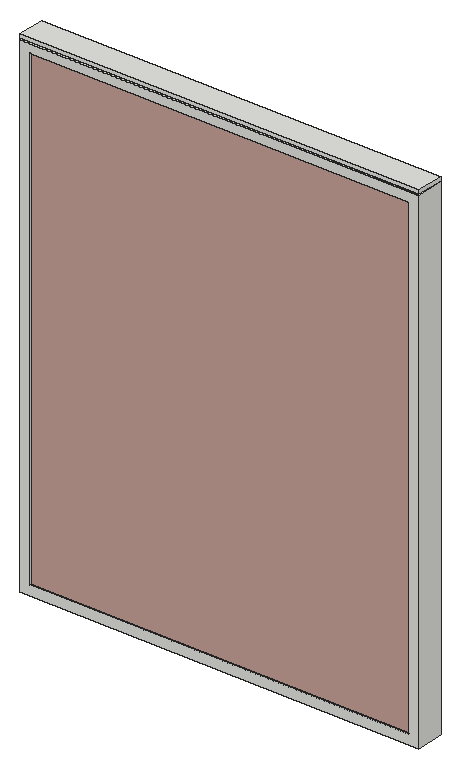
Revit family "Columns_&_Screens-Teknion-RYSF_Two_Inch_Framed_Element_Fabric-R2019", category Furniture, Revit 2019
Family settings
  OmniClass Number = 23.40.20.00
  OmniClass Title = General Furniture and Specialties
  Work Plane-Based = No
  Always vertical = Yes
  Cut with Voids When Loaded = No
  Shared = Yes
  Room Calculation Point = No
Parameters (values of type "37" Height")
  Width [instance] = 29.000"
  Warranty = "http://www.teknion.com/ca/papers/legal-canada"
  Unit Weight URL = "http://www.teknion.com/ca/tools/assets#&asset=bee6a381-b954-425e-8283-5a2de3a804f2,f828d448-4b62-4231-9e5f-9a8991c0ed77"
  URL = "www.teknion.com"
  To render please download texture images found here [instance] = "https://assets.teknion.com/web/5e81352c1dfdb467/revit-material-swatches/"
  Sustainability Data = "https://www.teknion.com/ca/tools/assets#&topic=216f99a5-57a0-44fc-b10a-9dee9b29ae4c&asset=444deb64-fe58-4b68-981e-f75e97781df7,b4ff2d81-9f2e-437d-9659-7cffb09c31cf"
  Series = "Expansion Desking"  # constant formula
  Product Page URL = "https://www.teknion.com/ca/products/product-details?productLineId=2b4e336e-8e7a-673b-a6c8-ff00004460c4"
  Product Line = "Expansion Desking"  # constant formula
  Product Documentation Link = "https://www.teknion.com/pricing/expansion-desking/pdfs/RYSF_ppg.pdf"
  Part Number = "RYSF"  # constant formula
  Model = "RYSF37__"
  Manufacturer Phone = "416-661-3370"  # constant formula
  Manufacturer Fax = "416.661.4586"  # constant formula
  Manufacturer Contact Information = "http://www.teknion.com/ca/contactus"
  Manufacturer Address = "1150 Flint Road, Toronto, ON. M3J 2J5. Canada"  # constant formula
  Manufacturer = "Teknion"  # constant formula
  How To Use Teknion Materials User Guide [instance] = "https://assets.teknion.com/m/205dd0a49fa58060/original/How-to-add-a-Material-Library-and-Texture-Images-to-your-Revit-project.pdf"
  Height = 36.374"
  Frame Finish [instance] = Paint-Teknion-20-T-Foundation-Atrium White
  For Additional Finishes please visit [instance] = "https://assets.teknion.com/m/44a8009b046e5d47/original/Teknion_Materials_Library.zip"
  Element Finish [instance] = Fabric - Teknion - B142 - Digi Tweed - Rose Tweed
  Description = "2\" Framed Element - Fabric, 37\" Height"
  Available Widths [instance] = "19, 20, 22, 23, 24, 28, 29, 30, 34, 35, 36, 40, 41, 42, 46, 47, 48, 52, 53, 54, 58, 59, 60, 64, 65, 66, 70, 71, 72, 76, 77, 78, 82, 83, or 84 inches."  # constant formula
  Assembly Code = "E2020200"
Types (5): name | Model | Height | Description
  (no name) | "RYSF37__" | 36.374" | "2\" Framed Element - Fabric, 37\" Height"
  37" Height | "RYSF37__" | 36.374" | "2\" Framed Element - Fabric, 37\" Height"
  22" Height | "RYSF22__" | 21.831" | "2\" Framed Element - Fabric, 22\" Height"
  15" Height | "RYSF15__" | 14.543" | "2\" Framed Element - Fabric, 15\" Height"
  13" Height | "RYSF13__" | 13.000" | "2\" Framed Element - Fabric, 13\" Height"
Reference planes (in)
  plane 1 "Center Front/Back": y = 0.12302
  plane 2: z = 0
  plane 3 "Center Left/Right": x = -1.86305
  plane 4 "Left": x = -16.36305
  plane 5 "Right": x = 12.63695
  plane 6 "Back": y = 1.12302
  plane 7 "Front": y = -0.87698
  plane 8 "Top": z = 65.374
  plane 9: z = 29
Forms (in)
  Sweep 1, solid, material "Paint-Teknion-20-T-Foundation-Atrium White" <- "Frame Finish"
    path origin (0, 0, 0) x (1, 0, 0) y (0, 1, 0)
      loop
        line (-1.86305, -0.87698) -> (-1.86305, 1.12302)
    profile origin (-1.86305, 0.12302, 0) x (-1, 0, 0) y (0, 0, 1)
      loop
        line (-13.77953, 64.374) -> (-13.77953, 29.72047) -> (13.77953, 29.72047) -> (13.77953, 64.374) -> (-13.77953, 64.374)
      loop
        line (14.5, 29) -> (14.5, 65.00392) -> (-14.5, 65.00392) -> (-14.5, 29) -> (14.5, 29)
  Sweep 2, solid, material "Fabric - Teknion - B142 - Digi Tweed - Rose Tweed" <- "Element Finish"
    path origin (0, 0, 0) x (1, 0, 0) y (0, 1, 0)
      loop
        line (-1.86305, -0.77856) -> (-1.86305, 1.02459)
    profile origin (-1.86305, 0.12302, 0) x (-1, 0, 0) y (0, 0, 1)
      loop
        line (-13.77953, 64.374) -> (-13.77953, 29.72047) -> (13.77953, 29.72047) -> (13.77953, 64.374) -> (-13.77953, 64.374)
  Sweep 3, solid, material "Paint-Teknion-20-T-Foundation-Atrium White" <- "Frame Finish"
    path origin (0, 0.12302, 0) x (1, 0, 0) y (0, 0, 1)
      loop
        line (-1.86305, 65.00392) -> (-1.86305, 65.12991)
    profile origin (-1.86305, 0.12302, 65.06691) x (-1, 0, 0) y (0, -1, 0)
      loop
        line (14.32283, -0.82283) -> (14.32283, 0.82283) -> (-14.32283, 0.82283) -> (-14.32283, -0.82283) -> (14.32283, -0.82283)
  Sweep 4, solid, material "Paint-Teknion-20-T-Foundation-Atrium White" <- "Frame Finish"
    path origin (0, 0.12302, 0) x (1, 0, 0) y (0, 0, 1)
      loop
        line (-1.86305, 65.374) -> (-1.86305, 65.12991)
    profile origin (-1.86305, 0.12302, 65.25195) x (0, -1, 0) y (1, 0, 0)
      loop
        line (-1, -14.5) -> (1, -14.5) -> (1, 14.5) -> (-1, 14.5) -> (-1, -14.5)
Lines and regions (in)
  Masking region 1
    outline origin (0, 0, 0) x (1, 0, 0) y (0, 1, 0)
      loop
        line (-16.36305, 1.12302) -> (-16.36305, -0.87698) -> (12.63695, -0.87698) -> (12.63695, 1.12302) -> (-16.36305, 1.12302)
  symbolic lines, style "FurnitureHiddenLines", detail levels medium+fine
    curve 1: line (12.45978, -0.69982, 0) -> (12.45978, 0.94585, 0)
    curve 2: line (12.45978, 0.94585, 0) -> (-16.18589, 0.94585, 0)
    curve 3: line (-16.18589, -0.69982, 0) -> (12.45978, -0.69982, 0)
    curve 4: line (-16.18589, 0.94585, 0) -> (-16.18589, -0.69982, 0)
  symbolic lines, style "FurnitureHiddenLines", detail levels fine
    curve 5: line (-15.64258, -0.87698, 0) -> (-15.64258, 1.12302, 0)
    curve 6: line (11.91648, 1.12302, 0) -> (11.91648, -0.87698, 0)
  reference lines
    curve 7: line (-16.36305, 1.12302, 0) -> (-16.36305, -0.87698, 0)
    curve 8: line (12.63695, 1.12302, 0) -> (12.63695, -0.87698, 0)
Dimensions and locks (in)
  equal spacing: plane 4 "Left", plane 3 "Center Left/Right", plane 5 "Right"
  locked: plane 6 "Back" to plane 7 "Front" at 2
  "Height": plane 8 "Top" to plane 9
  equal spacing: plane 7 "Front", plane 1 "Center Front/Back", plane 6 "Back"
  "Width": plane 4 "Left" to plane 5 "Right"
  locked: plane 9 to level at 29
  plane 8 "Top" to Sweep 1 sketch curve to Sweep 1 sketch curve = 0.37008" locked, 0.62992" locked
  locked: Sweep 1 sketch curve to plane 4 "Left" at 0.72047
  locked: Sweep 1 sketch curve to plane 5 "Right" at 0.72047
  locked: Sweep 1 sketch curve to plane 9 at 0.72047
  plane 8 "Top" to Sweep 3 sketch curve to Sweep 3 sketch curve = 0.24409" locked, 0.12598" locked
  locked: Sweep 3 sketch curve to plane 5 "Right" at 0.17717
  locked: plane 4 "Left" to Sweep 3 sketch curve at 0.17717
  locked: plane 6 "Back" to Sweep 3 sketch curve at 0.17717
  locked: plane 7 "Front" to Sweep 3 sketch curve at 0.17717
  locked: plane 8 "Top" to Sweep 4 sketch curve at 0.24409
  aligned and locked: level to plane 2
  aligned and locked: plane 6 "Back" to Sweep 1 sketch curve
  aligned and locked: plane 7 "Front" to Sweep 1 sketch curve
  aligned and locked: plane 9 to Sweep 1 sketch curve
  aligned and locked: plane 4 "Left" to Sweep 1 sketch curve
  aligned and locked: Sweep 1 sketch curve to plane 5 "Right"
  aligned and locked: Sweep 2 sketch curve to Sweep 1  (x4)
  aligned and locked: plane 8 "Top" to Sweep 4 sketch curve
  aligned and locked: Sweep 4 sketch curve to plane 6 "Back"
  aligned and locked: Sweep 4 sketch curve to plane 4 "Left"
  aligned and locked: Sweep 4 sketch curve to plane 7 "Front"
  aligned and locked: Sweep 4 sketch curve to plane 5 "Right"
  aligned and locked: Masking region 1 sketch curve to plane 6 "Back"
  aligned and locked: Masking region 1 sketch curve to plane 7 "Front"
  aligned and locked: Masking region 1 sketch curve to plane 4 "Left"
  aligned and locked: Masking region 1 sketch curve to plane 5 "Right"
  aligned and locked: curve 1 to Sweep 3
  aligned and locked: curve 2 to Sweep 3
  aligned and locked: curve 3 to Sweep 3
  aligned and locked: curve 4 to Sweep 3
  aligned and locked: curve 5 to Sweep 1
  aligned and locked: plane 6 "Back" to curve 5
  aligned and locked: plane 7 "Front" to curve 5
  aligned and locked: curve 6 to Sweep 1
  aligned and locked: plane 6 "Back" to curve 6
  aligned and locked: plane 7 "Front" to curve 6
  aligned and locked: curve 7 to plane 4 "Left"
  aligned and locked: curve 8 to plane 5 "Right"
Automatic sketch dimensions
  Sweep 1 sketch curve to plane 3 "Center Left/Right" = 0.000"
  Sweep 2 sketch curve to plane 3 "Center Left/Right" = 0.000"
  Sweep 2 sketch curve to plane 7 "Front" = 0.09843"
  Sweep 2 sketch curve to plane 6 "Back" = 0.09843"
  Sweep 3 sketch curve to plane 3 "Center Left/Right" = 0.000"
  Sweep 4 sketch curve to plane 3 "Center Left/Right" = 0.000"
  curve 7 to plane 7 "Front" = 0.000"
  curve 7 to plane 6 "Back" = 0.000"
  plane 7 "Front" to curve 8 = 0.000"
  curve 8 to plane 6 "Back" = 0.000"
